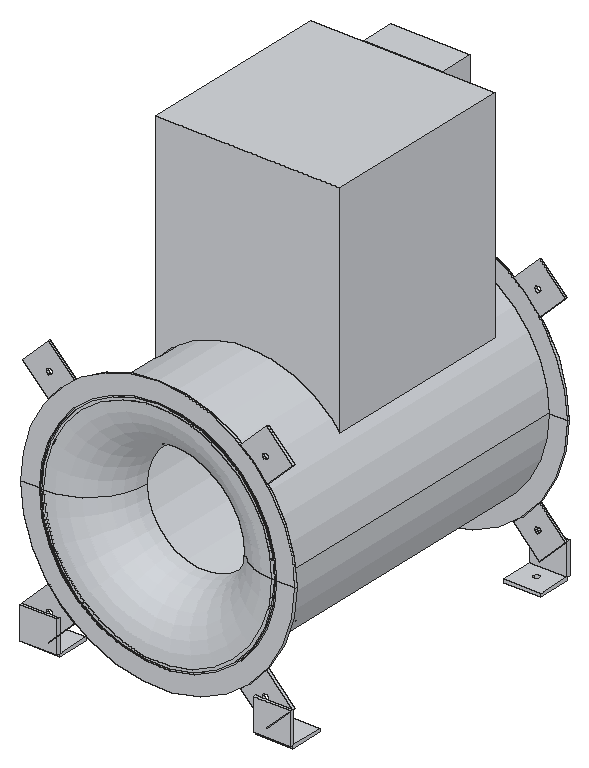
Revit family "TMX", category Mechanical Equipment, Revit 2019
Family settings
  Round Connector Dimension = Use Radius
  Part Type = Normal
  Work Plane-Based = No
  Always vertical = Yes
  Cut with Voids When Loaded = No
  Shared = No
  Room Calculation Point = No
Parameters (values of type "135-TMX")
  hole_dia = 24 3/4"
  hole = (sqrt((hole_dia ^ 2) / 2)) / 2  # 8.75045"
  Unit Weight [instance] = ""
  Sones [instance] = ""
  Motor_G [instance] = no
  Motor_C [instance] = no
  Motor_A [instance] = yes
  Motor_E [instance] = no
  Motor RPM [instance] = ""
  Motor Enclosure [instance] = ""
  ModelID [instance] = ""
  MC/2 = (F / 2) - 2"  # 7 15/32"
  LwA [instance] = ""
  H/2 = H / 2  # 1/4"
  H = 1/2"
  G/2 = G / 2  # 12 11/16"
  Fan RPM [instance] = ""
  Brake Hp [instance] = ""
  BRACKET/2 = BRACKET / 2  # 1 1/2"
  BRACKET = 3"
  Accessories [instance] = ""
  45 = 45.00°
  3 = 3"  # constant formula
  1.9375 = 1 15/16"  # constant formula
  -(G/2)-.75 = -((G / 2) - 3/4")  # -11 15/16"
  (G/2)-1.5 = (G / 2) - 1 1/2"  # 11 3/16"
  (G/2)-.75 = (G / 2) - 3/4"  # 11 15/16"
  G+1.5 = G + 1 1/2"  # 26 7/8"
  G = 25 3/8"
  F/2 = F / 2  # 9 15/32"
  F-1.5 = F - 1 1/2"  # 17 7/16"
  F+1.5 = F + 1 1/2"  # 20 7/16"
  F = 18 15/16"
  E-D-1.5 = E - D - 1 1/2"  # 22 5/16"
  E-D = E - D  # 23 13/16"
  E = 35 1/2"
  D = 11 11/16"
  C/2 = C / 2  # 11 1/8"
  C = 22 1/4"
  B/8 = B / 6  # 4 5/8"
  B/6 = B / 6  # 4 5/8"
  B/3*2 = B / 3 * 2  # 18 1/2"
  B/2 = B / 2  # 13 7/8"
  B/10 = B / 10  # 2.775"
  B = 27 3/4"
  A/8 = A / 6  # 3.19792"
  A/4 = A / 4  # 4 51/64"
  A/2 = A / 2  # 9 19/32"
  A = 19 3/16"
  0 = 0"  # constant formula
  Voltage [instance] = 0 V
  URL = "www.lorencook.com"
  Type Comments = "Mixed Flow Inline Horizontal Mount Belt Drive Arrangement 9"  # constant formula
  Static Pressure [instance] = 0.00 in-wg
  Power [instance] = Voltage * Motor FLA * sqrt(if(Phase = 3, 3, 1))  # 0 VA
  Phase [instance] = 0
  Number of Poles [instance] = 1
  Motor Hp [instance] = "0"
  Motor FLA [instance] = 0 A
  Model = "TMX-Horizontal"  # constant formula
  Manufacturer = "Loren Cook Company"
  CFM [instance] = 0 CFM
  1.5 = 1 1/2"  # constant formula
  ONE EIGTH = 1/8"  # constant formula
  -(B/2) = -(B / 2)  # -13 7/8"
  (G/2)+1.5 = (G / 2) + 1 1/2"  # 14 3/16"
  (F/2)-1.5 = (F / 2) - 1 1/2"  # 7 31/32"
  (F/2)+1.5 = (F / 2) + 1 1/2"  # 10 31/32"
  (F+3)/2 = (F + 3") / 2  # 10 31/32"
  (A/2)-.125 = (A / 2) - 1/8"  # 9 15/32"
Types (13): name | hole_dia | hole | MC/2 | G/2 | -(G/2)-.75 | (G/2)-1.5 | (G/2)-.75 | G+1.5 | G | F/2 | F-1.5 | F+1.5 | F | E-D-1.5 | E-D | E | D | C/2 | C | B/8 | B/6 | B/3*2 | B/2 | B/10 | B | A/8 | A/4 | A/2 | A | -(B/2) | (G/2)+1.5 | (F/2)-1.5 | (F/2)+1.5 | (F+3)/2 | (A/2)-.125
  (no name) | 24 3/4" | 8.75045" | 7 15/32" | 12 11/16" | -11 15/16" | 11 3/16" | 11 15/16" | 26 7/8" | 25 3/8" | 9 15/32" | 17 7/16" | 20 7/16" | 18 15/16" | 22 5/16" | 23 13/16" | 35 1/2" | 11 11/16" | 11 1/8" | 22 1/4" | 4 5/8" | 4 5/8" | 18 1/2" | 13 7/8" | 2.775" | 27 3/4" | 3.19792" | 4 51/64" | 9 19/32" | 19 3/16" | -13 7/8" | 14 3/16" | 7 31/32" | 10 31/32" | 10 31/32" | 9 15/32"
  90-TMX | 18 1/8" | 6.40816" | 5 1/8" | 8 1/16" | -7 5/16" | 6 9/16" | 7 5/16" | 17 5/8" | 16 1/8" | 7 1/8" | 12 3/4" | 15 3/4" | 14 1/4" | 18 3/16" | 19 11/16" | 29 1/16" | 9 3/8" | 7 15/16" | 15 7/8" | 3.08333" | 3.08333" | 12.33333" | 9 1/4" | 1.85" | 18 1/2" | 2.14583" | 3 7/32" | 6 7/16" | 12 7/8" | -9 1/4" | 9 9/16" | 5 5/8" | 8 5/8" | 8 5/8" | 6 5/16"
  120-TMX | 22 9/16" | 7.97705" | 5 3/4" | 11 5/32" | -10 13/32" | 9 21/32" | 10 13/32" | 23 13/16" | 22 5/16" | 7 3/4" | 14" | 17" | 15 1/2" | 20 9/16" | 22 1/16" | 33 3/4" | 11 11/16" | 10 1/32" | 20 1/16" | 4.11458" | 4.11458" | 16.45833" | 12 11/32" | 2 15/32" | 24 11/16" | 2.85417" | 4 9/32" | 8 9/16" | 17 1/8" | -12 11/32" | 12 21/32" | 6 1/4" | 9 1/4" | 9 1/4" | 8 7/16"
  135-TMX | 24 3/4" | 8.75045" | 7 15/32" | 12 11/16" | -11 15/16" | 11 3/16" | 11 15/16" | 26 7/8" | 25 3/8" | 9 15/32" | 17 7/16" | 20 7/16" | 18 15/16" | 22 5/16" | 23 13/16" | 35 1/2" | 11 11/16" | 11 1/8" | 22 1/4" | 4 5/8" | 4 5/8" | 18 1/2" | 13 7/8" | 2.775" | 27 3/4" | 3.19792" | 4 51/64" | 9 19/32" | 19 3/16" | -13 7/8" | 14 3/16" | 7 31/32" | 10 31/32" | 10 31/32" | 9 15/32"
  150-TMX | 26 7/8" | 9.50175" | 8 7/32" | 12 13/16" | -12 1/16" | 11 5/16" | 12 1/16" | 27 1/8" | 25 5/8" | 10 7/32" | 18 15/16" | 21 15/16" | 20 7/16" | 23 3/8" | 24 7/8" | 37 5/16" | 12 7/16" | 12 3/16" | 24 3/8" | 4.66667" | 4.66667" | 18.66667" | 14" | 2.8" | 28" | 3.55208" | 5 21/64" | 10 21/32" | 21 5/16" | -14" | 14 5/16" | 8 23/32" | 11 23/32" | 11 23/32" | 10 17/32"
  165-TMX | 29 1/4" | 10.34144" | 9 1/16" | 14 7/32" | -13 15/32" | 12 23/32" | 13 15/32" | 29 15/16" | 28 7/16" | 11 1/16" | 20 5/8" | 23 5/8" | 22 1/8" | 24 7/16" | 25 15/16" | 39 1/2" | 13 9/16" | 13 1/4" | 26 1/2" | 5.13542" | 5.13542" | 20.54167" | 15 13/32" | 3.08125" | 30 13/16" | 3 29/32" | 5 55/64" | 11 23/32" | 23 7/16" | -15 13/32" | 15 23/32" | 9 9/16" | 12 9/16" | 12 9/16" | 11 19/32"
  180-TMX | 31 3/8" | 11.09274" | 9 13/16" | 15 5/8" | -14 7/8" | 14 1/8" | 14 7/8" | 32 3/4" | 31 1/4" | 11 13/16" | 22 1/8" | 25 1/8" | 23 5/8" | 27 1/2" | 29" | 43 5/8" | 14 5/8" | 14 5/16" | 28 5/8" | 5.60417" | 5.60417" | 22.41667" | 16 13/16" | 3.3625" | 33 5/8" | 4.26042" | 6 25/64" | 12 25/32" | 25 9/16" | -16 13/16" | 17 1/8" | 10 5/16" | 13 5/16" | 13 5/16" | 12 21/32"
  202-TMX | 34 1/2" | 12.19759" | 10 29/32" | 17 21/32" | -16 29/32" | 16 5/32" | 16 29/32" | 36 13/16" | 35 5/16" | 12 29/32" | 24 5/16" | 27 5/16" | 25 13/16" | 29 1/16" | 30 9/16" | 46 11/16" | 16 1/8" | 15 7/8" | 31 3/4" | 6 9/32" | 6 9/32" | 25 1/8" | 18 27/32" | 3.76875" | 37 11/16" | 4 25/32" | 7 11/64" | 14 11/32" | 28 11/16" | -18 27/32" | 19 5/32" | 11 13/32" | 14 13/32" | 14 13/32" | 14 7/32"
  225-TMX | 37 15/16" | 13.41293" | 12 1/8" | 19 13/16" | -19 1/16" | 18 5/16" | 19 1/16" | 41 1/8" | 39 5/8" | 14 1/8" | 26 3/4" | 29 3/4" | 28 1/4" | 30 11/16" | 32 3/16" | 49 15/16" | 17 3/4" | 17 15/32" | 34 15/16" | 7" | 7" | 28" | 21" | 4.2" | 42" | 5.32292" | 7 63/64" | 15 31/32" | 31 15/16" | -21" | 21 5/16" | 12 5/8" | 15 5/8" | 15 5/8" | 15 27/32"
  245-TMX | 42 3/4" | 15.11441" | 13 13/16" | 21" | -20 1/4" | 19 1/2" | 20 1/4" | 43 1/2" | 42" | 15 13/16" | 30 1/8" | 33 1/8" | 31 5/8" | 34 1/8" | 35 5/8" | 57 1/16" | 21 7/16" | 19 3/8" | 38 3/4" | 7.41667" | 7.41667" | 29.66667" | 22 1/4" | 4.45" | 44 1/2" | 5.79167" | 8 11/16" | 17 3/8" | 34 3/4" | -22 1/4" | 22 1/2" | 14 5/16" | 17 5/16" | 17 5/16" | 17 1/4"
  270-TMX | 46 5/16" | 16.37394" | 15 3/32" | 23 9/32" | -22 17/32" | 21 25/32" | 22 17/32" | 48 1/16" | 46 9/16" | 17 3/32" | 32 11/16" | 35 11/16" | 34 3/16" | 35 7/8" | 37 3/8" | 60 1/16" | 22 11/16" | 21 3/16" | 42 3/8" | 8.17708" | 8.17708" | 32.70833" | 24 17/32" | 4 29/32" | 49 1/16" | 6 3/8" | 9 9/16" | 19 1/8" | 38 1/4" | -24 17/32" | 24 25/32" | 15 19/32" | 18 19/32" | 18 19/32" | 19"
  300-TMX | 50 1/2" | 17.85445" | 16 9/16" | 26" | -25 1/4" | 24 1/2" | 25 1/4" | 53 1/2" | 52" | 18 9/16" | 35 5/8" | 38 5/8" | 37 1/8" | 38" | 39 1/2" | 63 11/16" | 24 3/16" | 23 1/4" | 46 1/2" | 9.08333" | 9.08333" | 36.33333" | 27 1/4" | 5.45" | 54 1/2" | 7.08333" | 10 5/8" | 21 1/4" | 42 1/2" | -27 1/4" | 27 1/2" | 17 1/16" | 20 1/16" | 20 1/16" | 21 1/8"
  330-TMX | 54 3/4" | 19.35705" | 18 1/16" | 28 23/32" | -27 31/32" | 27 7/32" | 27 31/32" | 58 15/16" | 57 7/16" | 20 1/16" | 38 5/8" | 41 5/8" | 40 1/8" | 40 3/16" | 41 11/16" | 67 3/8" | 25 11/16" | 25 3/8" | 50 3/4" | 9.98958" | 9.98958" | 39.95833" | 29 31/32" | 5.99375" | 59 15/16" | 7 25/32" | 11 43/64" | 23 11/32" | 46 11/16" | -29 31/32" | 30 7/32" | 18 9/16" | 21 9/16" | 21 9/16" | 23 7/32"
Reference planes (in)
  plane 1 "Center (Front/Back)": y = 0
  plane 2: z = 0
  plane 3 "Center (Left/Right)": x = 0.40541
  plane 4: z = -11.6875
Forms (in)
  Extrusion 1, solid
    sketch origin (0, 0, 0) x (1, 0, 0) y (0, 0, 1)
      loop
        circle (0.40541, 0) r 9.59375
      loop
        circle (0.40541, 0) r 9.46875
    from -13.875 <- "-(B/2)" to 13.875 <- "B/2"
  Revolve 2, solid
    sketch origin (0, 0, 0) x (1, 0, 0) y (0, 1, 0)
      loop
        line (-9.06334, -13.875) -> (0.40541, -13.875) -> (0.40541, -9.25) -> (-9.06334, -9.25) -> (-9.06334, -13.875)
      axis (0.40541, -13.875) -> (0.40541, -9.25)
    angle from 0 to 360
  Revolve 3, void
    sketch origin (0, 0, 0) x (1, 0, 0) y (0, 1, 0)
      loop
        line (0.40541, -9.25) -> (-4.21959, -9.25)
        arc (-4.21959, -9.25) -> (-5.57422, -12.52037) -> (-8.84459, -13.875) r 4.625
        line (-8.84459, -13.875) -> (0.40541, -13.875) -> (0.40541, -9.25)
      axis (0.40541, -9.25) -> (0.40541, -13.875)
    angle from 0 to 360
  Revolve 4, solid
    sketch origin (0, 0, 0) x (1, 0, 0) y (0, 1, 0)
      loop
        line (0.40541, 13.875) -> (-4.21959, 13.875) -> (-4.21959, 0) -> (0.40541, 0) -> (0.40541, 13.875)
      axis (0.40541, 13.875) -> (0.40541, 0)
    angle from 0 to 360
  Revolve 5, solid
    sketch origin (0, 0, 0) x (1, 0, 0) y (0, 1, 0)
      loop
        line (-10.71959, 13.875) -> (-10.71959, 13.75) -> (-9.18834, 13.75) -> (-9.18834, 13.875) -> (-10.71959, 13.875)
      loop
        line (-10.71959, -13.75) -> (-10.71959, -13.875) -> (-9.18834, -13.875) -> (-9.18834, -13.75) -> (-10.71959, -13.75)
      axis (0.40541, 13.875) -> (0.40541, -13.875)
    angle from 0 to 360
  Extrusion 6, solid, visible <- "Motor_A"
    sketch origin (0.40541, 13.75, 0) x (-1, 0, 0) y (0, 0, -1)
      loop
        arc (3.19792, -9.04507) -> (0, -9.59375) -> (-3.19792, -9.04507) r 9.59375
        line (-3.19792, -9.04507) -> (-3.19792, -23.8125) -> (3.19792, -23.8125) -> (3.19792, -9.04507)
    from 0 to 2.775 <- "B/10"
  Extrusion 7, solid, visible <- "Motor_A"
    sketch origin (0.40541, 13.75, 0) x (-1, 0, 0) y (0, 0, -1)
      loop
        line (-7.46875, -6.02145) -> (-7.46875, -23.8125) -> (7.46875, -23.8125) -> (7.46875, -6.02145)
        arc (7.46875, -6.02145) -> (0, -9.59375) -> (-7.46875, -6.02145) r 9.59375
    from 2.775 <- "B/10" to 18.5 <- "B/3*2"
  Extrusion 8, solid
    sketch origin (0.40541, -13.875, 0) x (-1, 0, 0) y (0, 0, -1)
      loop
        line (8.85539, 6.73407) -> (10.97671, 8.85539) -> (8.85539, 10.97671) -> (6.73407, 8.85539)
        arc (6.73407, 8.85539) -> (7.86656, 7.86656) -> (8.85539, 6.73407) r 11.125
    from 0 to -0.125
  Extrusion 9, solid
    sketch origin (0.40541, -13.875, 0) x (0, 0, -1) y (1, 0, 0)
      loop
        line (8.85539, 6.73407) -> (10.97671, 8.85539) -> (8.85539, 10.97671) -> (6.73407, 8.85539)
        arc (6.73407, 8.85539) -> (7.86656, 7.86656) -> (8.85539, 6.73407) r 11.125
    from 0 to -0.125
  Extrusion 10, solid
    sketch origin (0.40541, -13.875, 0) x (1, 0, 0) y (0, 0, 1)
      loop
        line (8.85539, 6.73407) -> (10.97671, 8.85539) -> (8.85539, 10.97671) -> (6.73407, 8.85539)
        arc (6.73407, 8.85539) -> (7.86656, 7.86656) -> (8.85539, 6.73407) r 11.125
    from 0 to -0.125
  Extrusion 11, solid
    sketch origin (0.40541, -13.875, 0) x (0, 0, 1) y (-1, 0, 0)
      loop
        line (8.85539, 6.73407) -> (10.97671, 8.85539) -> (8.85539, 10.97671) -> (6.73407, 8.85539)
        arc (6.73407, 8.85539) -> (7.86656, 7.86656) -> (8.85539, 6.73407) r 11.125
    from 0 to -0.125
  Extrusion 12, solid
    sketch origin (0.40541, 13.875, 0) x (0, 0, -1) y (-1, 0, 0)
      loop
        line (6.73407, -8.85539) -> (8.85539, -10.97671) -> (10.97671, -8.85539) -> (8.85539, -6.73407)
        arc (8.85539, -6.73407) -> (7.86656, -7.86656) -> (6.73407, -8.85539) r 11.125
      loop
        arc (-6.73407, -8.85539) -> (-7.86656, -7.86656) -> (-8.85539, -6.73407) r 11.125
        line (-8.85539, -6.73407) -> (-10.97671, -8.85539) -> (-8.85539, -10.97671) -> (-6.73407, -8.85539)
      loop
        arc (-8.85539, 6.73407) -> (-7.86656, 7.86656) -> (-6.73407, 8.85539) r 11.125
        line (-6.73407, 8.85539) -> (-8.85539, 10.97671) -> (-10.97671, 8.85539) -> (-8.85539, 6.73407)
      loop
        arc (6.73407, 8.85539) -> (7.86656, 7.86656) -> (8.85539, 6.73407) r 11.125
        line (8.85539, 6.73407) -> (10.97671, 8.85539) -> (8.85539, 10.97671) -> (6.73407, 8.85539)
    from 0 to -0.125
  Extrusion 13, void
    sketch origin (0.40541, 13.875, 0) x (0, 0, 1) y (-1, 0, 0)
      loop
        circle (-8.75045, -8.75045) r 0.25
      loop
        circle (8.75045, -8.75045) r 0.25
      loop
        circle (8.75045, 8.75045) r 0.25
      loop
        circle (-8.75045, 8.75045) r 0.25
    from 0 to 0.125
  Extrusion 14, void
    sketch origin (0.40541, -13.875, 0) x (1, 0, 0) y (0, 0, -1)
      loop
        circle (-8.75045, -8.75045) r 0.25
      loop
        circle (-8.75045, 8.75045) r 0.25
      loop
        circle (8.75045, 8.75045) r 0.25
      loop
        circle (8.75045, -8.75045) r 0.25
    from 0 to 0.125
  Extrusion 15, solid
    sketch origin (-26.90512, -180, -11.6875) x (-1, 0, 0) y (0, -1, 0)
      loop
        line (-19.34178, -193.875) -> (-16.34178, -193.875) -> (-16.34178, -191.1875) -> (-19.34178, -191.1875) -> (-19.34178, -193.875)
      loop
        line (-38.27928, -193.875) -> (-35.27928, -193.875) -> (-35.27928, -191.1875) -> (-38.27928, -191.1875) -> (-38.27928, -193.875)
      loop
        line (-38.27928, -166.125) -> (-38.27928, -168.8125) -> (-35.27928, -168.8125) -> (-35.27928, -166.125) -> (-38.27928, -166.125)
      loop
        line (-19.34178, -168.8125) -> (-16.34178, -168.8125) -> (-16.34178, -166.125) -> (-19.34178, -166.125) -> (-19.34178, -168.8125)
      loop
        circle (-17.84178, -192.6875) r 0.25
      loop
        circle (-36.77928, -192.6875) r 0.25
      loop
        circle (-36.77928, -167.3125) r 0.25
      loop
        circle (-17.84178, -167.3125) r 0.25
    from 0 to 0.25
  Extrusion 16, solid
    sketch origin (11.37416, -13.875, -11.6875) x (-1, 0, 0) y (0, 0, -1)
      loop
        line (21.9375, -0.25) -> (18.9375, -0.25) -> (18.9375, -2.83211) -> (21.9375, -2.83211) -> (21.9375, -0.25)
      loop
        line (3, -0.25) -> (0, -0.25) -> (0, -2.83211) -> (3, -2.83211) -> (3, -0.25)
    from 0 to 0.25
  Extrusion 17, solid
    sketch origin (-7.56334, 13.875, -11.6875) x (-1, 0, 0) y (0, 0, 1)
      loop
        line (-18.9375, 2.83211) -> (-18.9375, 0.25) -> (-15.9375, 0.25) -> (-15.9375, 2.83211) -> (-18.9375, 2.83211)
      loop
        line (0, 0.25) -> (3, 0.25) -> (3, 2.83211) -> (0, 2.83211) -> (0, 0.25)
    from 0 to 0.25
  Extrusion 18, solid, visible <- "Motor_G"
    sketch origin (0.40541, 13.75, 0) x (-1, 0, 0) y (0, 0, -1)
      loop
        line (-6.02145, 7.46875) -> (-23.8125, 7.46875) -> (-23.8125, -7.46875) -> (-6.02145, -7.46875)
        arc (-6.02145, -7.46875) -> (-9.59375, 0) -> (-6.02145, 7.46875) r 9.59375
    from 2.775 <- "B/10" to 18.5 <- "B/3*2"
  Extrusion 19, solid, visible <- "Motor_C"
    sketch origin (0.40541, 13.75, 0) x (-1, 0, 0) y (0, 0, -1)
      loop
        line (6.02145, -7.46875) -> (23.8125, -7.46875) -> (23.8125, 7.46875) -> (6.02145, 7.46875)
        arc (6.02145, 7.46875) -> (9.59375, 0) -> (6.02145, -7.46875) r 9.59375
    from 2.775 <- "B/10" to 18.5 <- "B/3*2"
  Extrusion 20, solid, visible <- "Motor_E"
    sketch origin (0.40541, 13.75, 0) x (-1, 0, 0) y (0, 0, -1)
      loop
        line (7.46875, 6.02145) -> (7.46875, 23.8125) -> (-7.46875, 23.8125) -> (-7.46875, 6.02145)
        arc (-7.46875, 6.02145) -> (0, 9.59375) -> (7.46875, 6.02145) r 9.59375
    from 2.775 <- "B/10" to 18.5 <- "B/3*2"
  Extrusion 21, solid, visible <- "Motor_C"
    sketch origin (0.40541, 13.75, 0) x (-1, 0, 0) y (0, 0, -1)
      loop
        line (9.04507, -3.19792) -> (23.8125, -3.19792) -> (23.8125, 3.19792) -> (9.04507, 3.19792)
        arc (9.04507, 3.19792) -> (9.59375, 0) -> (9.04507, -3.19792) r 9.59375
    from 0 to 2.775 <- "B/10"
  Extrusion 22, solid, visible <- "Motor_G"
    sketch origin (0.40541, 13.75, 0) x (-1, 0, 0) y (0, 0, -1)
      loop
        line (-9.04507, 3.19792) -> (-23.8125, 3.19792) -> (-23.8125, -3.19792) -> (-9.04507, -3.19792)
        arc (-9.04507, -3.19792) -> (-9.59375, 0) -> (-9.04507, 3.19792) r 9.59375
    from 0 to 2.775 <- "B/10"
  Extrusion 23, solid, visible <- "Motor_E"
    sketch origin (0.40541, 13.75, 0) x (-1, 0, 0) y (0, 0, -1)
      loop
        line (3.19792, 9.04507) -> (3.19792, 23.8125) -> (-3.19792, 23.8125) -> (-3.19792, 9.04507)
        arc (-3.19792, 9.04507) -> (0, 9.59375) -> (3.19792, 9.04507) r 9.59375
    from 0 to 2.775 <- "B/10"
Cuts and joins
  Revolve 3 cuts Revolve 2
  Extrusion 13, Extrusion 14 cuts Revolve 5
  Extrusion 13 cuts Extrusion 12
  Extrusion 14 cuts Extrusion 8
  Extrusion 14 cuts Extrusion 9
  Extrusion 14 cuts Extrusion 10
  Extrusion 14 cuts Extrusion 11
Dimensions and locks (in)
  "0": Extrusion 1 sketch curve to level  (x2)
  "0": Revolve 2 sketch curve to plane 3 "Center (Left/Right)"  (x2)
  "0": Revolve 2 sketch curve to Extrusion 1
  "(A/2)-.125": Revolve 2 sketch curve to plane 3 "Center (Left/Right)"
  "B/8": Revolve 2 sketch curve to Extrusion 1
  "B/8": Revolve 3 sketch curve to plane 3 "Center (Left/Right)"
  "0": Revolve 3 sketch curve to Extrusion 1
  "0": Revolve 3 sketch curve to Revolve 2
  "0": Revolve 3 sketch curve to plane 3 "Center (Left/Right)"  (x2)
  "0": Revolve 4 sketch curve to plane 1 "Center (Front/Back)"
  "0": Revolve 4 sketch curve to plane 3 "Center (Left/Right)"  (x2)
  "B/8": Revolve 4 sketch curve to Revolve 4 sketch curve
  "ONE EIGTH": Revolve 5 sketch curve to Revolve 5 sketch curve  (x2)
  "A/2": Revolve 5 sketch curve to plane 3 "Center (Left/Right)"  (x2)
  "C/2": Revolve 5 sketch curve to plane 3 "Center (Left/Right)"  (x2)
  "0": Revolve 5 sketch curve to plane 3 "Center (Left/Right)"
  "A/8": plane 3 "Center (Left/Right)" to Extrusion 6 sketch curve
  "A/8": Extrusion 6 sketch curve to plane 3 "Center (Left/Right)"
  "E-D": Extrusion 7 sketch curve to level
  "MC/2": Extrusion 7 sketch curve to plane 3 "Center (Left/Right)"
  "MC/2": plane 3 "Center (Left/Right)" to Extrusion 7 sketch curve
  "0": Extrusion 7 sketch curve to level
  "0": plane 3 "Center (Left/Right)" to Extrusion 7 sketch curve
  "0": Extrusion 1 to Revolve 4 sketch curve
  "0": Extrusion 6 sketch curve to plane 3 "Center (Left/Right)"
  "3": Extrusion 8 sketch curve to Extrusion 8 sketch curve
  "BRACKET": Extrusion 8 sketch curve to Extrusion 8 sketch curve
  "0": Extrusion 8 sketch curve to level
  "0": Extrusion 8 sketch curve to plane 3 "Center (Left/Right)"
  "1.5": Extrusion 8 sketch curve to plane 3 "Center (Left/Right)"
  "3": Extrusion 9 sketch curve to Extrusion 9 sketch curve
  "BRACKET": Extrusion 9 sketch curve to Extrusion 9 sketch curve
  "3": Extrusion 10 sketch curve to Extrusion 10 sketch curve
  "BRACKET": Extrusion 10 sketch curve to Extrusion 10 sketch curve
  "3": Extrusion 11 sketch curve to Extrusion 11 sketch curve
  "BRACKET": Extrusion 11 sketch curve to Extrusion 11 sketch curve
  "1.5": Extrusion 9 sketch curve to plane 3 "Center (Left/Right)"
  "0": Extrusion 9 sketch curve to level
  "0": Extrusion 9 sketch curve to plane 3 "Center (Left/Right)"
  "0": Extrusion 10 sketch curve to level
  "0": Extrusion 10 sketch curve to plane 3 "Center (Left/Right)"
  "1.5": Extrusion 10 sketch curve to plane 3 "Center (Left/Right)"
  "1.5": Extrusion 11 sketch curve to plane 3 "Center (Left/Right)"
  "0": Extrusion 11 sketch curve to level
  "0": plane 3 "Center (Left/Right)" to Extrusion 11 sketch curve
  "0": Extrusion 12 sketch curve to Extrusion 9  (x3)
  "0": Extrusion 12 sketch curve to Extrusion 10
  Extrusion 12 sketch curve to Extrusion 10 = 0"
  "0": Extrusion 12 sketch curve to Extrusion 11  (x2)
  "0": Extrusion 11 to Extrusion 12 sketch curve
  "0": Extrusion 12 sketch curve to Extrusion 8  (x3)
  "hole": Extrusion 13 sketch curve to level  (x2)
  "hole": Extrusion 13 sketch curve to plane 3 "Center (Left/Right)"  (x2)
  "hole": level to Extrusion 13 sketch curve  (x2)
  "hole": plane 3 "Center (Left/Right)" to Extrusion 13 sketch curve  (x2)
  "hole": plane 3 "Center (Left/Right)" to Extrusion 14 sketch curve  (x2)
  "hole": Extrusion 14 sketch curve to level  (x2)
  "hole": level to Extrusion 14 sketch curve  (x2)
  "hole": Extrusion 14 sketch curve to plane 3 "Center (Left/Right)"  (x2)
  "0": plane 3 "Center (Left/Right)" to Extrusion 12 sketch curve  (x4)
  "0": Extrusion 12 sketch curve to cut or joined group of Extrusion 10, Extrusion 14  (x2)
  "3": Extrusion 12 sketch curve to Extrusion 12 sketch curve
  "D": level to plane 4
  "(F/2)+1.5": Extrusion 15 sketch curve to plane 3 "Center (Left/Right)"
  "(F/2)-1.5": Extrusion 15 sketch curve to plane 3 "Center (Left/Right)"
  "(F/2)+1.5": plane 3 "Center (Left/Right)" to Extrusion 15 sketch curve
  "(F/2)-1.5": plane 3 "Center (Left/Right)" to Extrusion 15 sketch curve
  "(G/2)-1.5": plane 1 "Center (Front/Back)" to Extrusion 15 sketch curve
  "(G/2)-1.5": Extrusion 15 sketch curve to plane 1 "Center (Front/Back)"
  "F/2": Extrusion 15 sketch curve to plane 3 "Center (Left/Right)"  (x2)
  "F/2": plane 3 "Center (Left/Right)" to Extrusion 15 sketch curve  (x2)
  "G/2": Extrusion 15 sketch curve to plane 1 "Center (Front/Back)"  (x2)
  "G/2": plane 1 "Center (Front/Back)" to Extrusion 15 sketch curve  (x2)
  "0": cut or joined group of Extrusion 8, Extrusion 14 to Extrusion 16 sketch curve
  "MC/2": Extrusion 18 sketch curve to level
  "MC/2": level to Extrusion 18 sketch curve
  "E-D": Extrusion 18 sketch curve to plane 3 "Center (Left/Right)"
  "E-D": plane 3 "Center (Left/Right)" to Extrusion 19 sketch curve
  "E-D": level to Extrusion 20 sketch curve
  "A/8": Extrusion 21 sketch curve to level
  "A/8": level to Extrusion 21 sketch curve
  "A/2": radius of Extrusion 1 sketch curve
  "(A/2)-.125": radius of Extrusion 1 sketch curve
  "B/8": radius of Revolve 3 sketch curve
  "A/2": radius of Extrusion 6 sketch curve
  "A/2": radius of Extrusion 7 sketch curve
  "C/2": radius of Extrusion 8 sketch curve
  "C/2": radius of Extrusion 9 sketch curve
  "C/2": radius of Extrusion 10 sketch curve
  "C/2": radius of Extrusion 11 sketch curve
  "C/2": radius of Extrusion 12 sketch curve  (x4)
  "H/2": radius of Extrusion 13 sketch curve  (x4)
  "H/2": radius of Extrusion 14 sketch curve  (x4)
  radius of Extrusion 15 sketch curve = 1/4"  (x4)
  "45": angle level to Extrusion 8 sketch curve
  "45": angle Extrusion 9 sketch curve to level
  "45": angle level to Extrusion 10 sketch curve
  "45": angle Extrusion 11 sketch curve to level
  aligned and locked: Extrusion 15 sketch curve to Extrusion 15 sketch curve  (x6)
  aligned and locked: Extrusion 15 sketch curve to cut or joined group of Revolve 2, Revolve 3
  aligned and locked: Extrusion 15 sketch curve to Extrusion 1  (x2)
  aligned and locked: Extrusion 1 to Extrusion 15 sketch curve
  aligned and locked: Revolve 5 sketch curve to Extrusion 1
  aligned and locked: cut or joined group of Revolve 2, Revolve 3 to Revolve 5 sketch curve
  aligned and locked: Extrusion 16 sketch curve to Extrusion 15  (x4)
  aligned and locked: Extrusion 15 to Extrusion 16 sketch curve  (x2)
  aligned and locked: Extrusion 16 sketch curve to Extrusion 16 sketch curve
  aligned and locked: Extrusion 17 sketch curve to Extrusion 16  (x4)
  aligned and locked: Extrusion 15 to Extrusion 17 sketch curve
  aligned and locked: Extrusion 16 to Extrusion 17 sketch curve  (x2)
  aligned and locked: Extrusion 17 sketch curve to Extrusion 15
  aligned and locked: Extrusion 18 sketch curve to Extrusion 1
  aligned and locked: Extrusion 19 sketch curve to Extrusion 1
  aligned and locked: Extrusion 18 to Extrusion 19 sketch curve
  aligned and locked: Extrusion 19 sketch curve to Extrusion 18
  aligned and locked: Extrusion 20 sketch curve to Extrusion 1
  aligned and locked: Extrusion 20 sketch curve to Extrusion 7
  aligned and locked: Extrusion 7 to Extrusion 20 sketch curve
  aligned and locked: Extrusion 18 to Extrusion 7  (x2)
  aligned and locked: Extrusion 19 to Extrusion 7  (x2)
  aligned and locked: Extrusion 6 sketch curve to Extrusion 7
  aligned and locked: Extrusion 21 sketch curve to Extrusion 1
  aligned and locked: Extrusion 19 to Extrusion 21 sketch curve
  aligned and locked: Extrusion 22 sketch curve to Extrusion 1
  aligned and locked: Extrusion 21 to Extrusion 22 sketch curve
  aligned and locked: Extrusion 22 sketch curve to Extrusion 21
  aligned and locked: Extrusion 22 sketch curve to Extrusion 18
  aligned and locked: Extrusion 23 sketch curve to Extrusion 1
  aligned and locked: Extrusion 20 to Extrusion 23 sketch curve
  aligned and locked: Extrusion 23 sketch curve to Extrusion 6
  aligned and locked: Extrusion 6 to Extrusion 23 sketch curve
Automatic sketch dimensions
  Extrusion 1 sketch curve to Extrusion 1 sketch curve = 0"
  Extrusion 1 sketch curve to plane 3 "Center (Left/Right)" = 0"
  Revolve 2 sketch curve to Revolve 2 sketch curve = 0"
  plane 1 "Center (Front/Back)" to Revolve 2 sketch curve = 3.17163"
  Revolve 3 sketch curve to Revolve 3 sketch curve = 0"  (x3)
  Revolve 3 sketch curve to Revolve 3 sketch curve = 3"
  Revolve 4 sketch curve to plane 1 "Center (Front/Back)" = 0"
  Revolve 4 sketch curve to Revolve 4 sketch curve = 4"
  Extrusion 6 sketch curve to Revolve 5 = 0"
  Revolve 5 sketch curve to Revolve 5 sketch curve = 2.13364"
  Revolve 5 sketch curve to Revolve 5 sketch curve = 4"
  Extrusion 12 sketch curve to Extrusion 12 sketch curve = 0"  (x3)
  Extrusion 12 sketch curve to Revolve 5 = 0"
  Extrusion 7 sketch curve to Extrusion 7 sketch curve = 0"
  Extrusion 18 sketch curve to Extrusion 18 sketch curve = 0"
  Extrusion 20 sketch curve to Extrusion 20 sketch curve = 0"
  Extrusion 19 sketch curve to Extrusion 19 sketch curve = 0"
  Extrusion 21 sketch curve to Extrusion 21 sketch curve = 0"
  Extrusion 23 sketch curve to Extrusion 23 sketch curve = 0"
  Extrusion 22 sketch curve to Extrusion 22 sketch curve = 0"
Connectors (in)
  electrical at (-7.06334, 3.1125, 14.91697)
    settings: on Extrusion 7, index 1, voltage 0 V, apparent load 0 VA, apparent load phase1 0 VA, apparent load phase2 0 VA, apparent load phase3 0 VA, power factor 1, load classification "Other", number of poles 1, system type 30, power factor state 1, is connector primary yes, connector utility no, sub classification motor no, connector description ""
  hvac at (0.40541, -13.875, 0), driven by "A/2"
    settings: on cut or joined group of Revolve 2, Revolve 3, index 2, duct flow 0 CFM, flow factor 0, pres drop 0.00 in-wg, loss coef 0, conn angle 0.00°, conn width 12", conn height 12", conn diameter 19 3/16", duct sys type 29, conn prof type 0, flow config 0, flow direction 1, loss method 0, conn ref index -1, conn util no, is conn primary yes, conn desc ""
  hvac at (0.40541, 13.875, 0), driven by "A/2"
    settings: on Extrusion 1, index 3, duct flow 0 CFM, flow factor 0, pres drop 0.00 in-wg, loss coef 0, conn angle 0.00°, conn width 12", conn height 12", conn diameter 19 3/16", duct sys type 29, conn prof type 0, flow config 0, flow direction 2, loss method 0, conn ref index -1, conn util no, is conn primary no, conn desc ""
